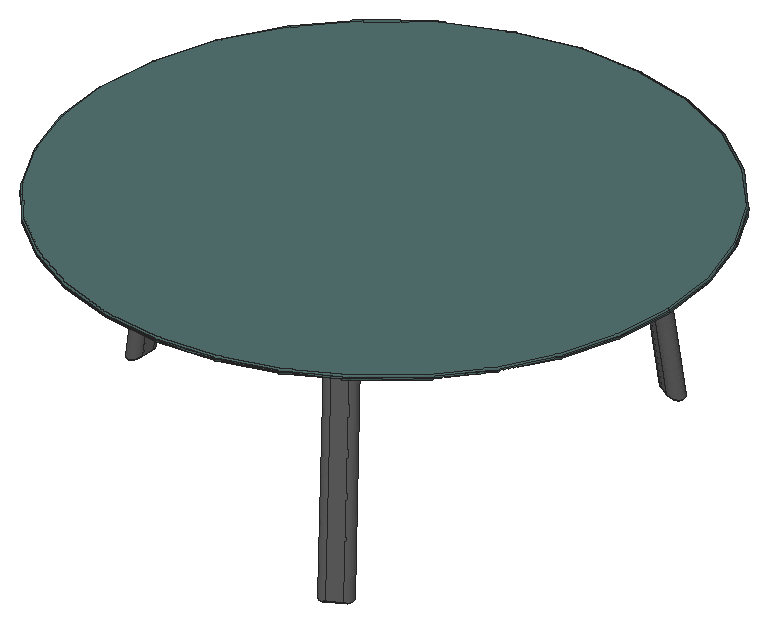
Revit family "Table-Allermuir-SUN202", category Furniture, Revit 2012
Parameters (values of type "SUN202")
  ecoScorecard_data = ""
  ecoScorecard Product Page = ""
  Width = 31 201/256"  # constant formula
  White Plastic Back Membrane = no
  URL = ""
  Table = Wood - Allermuir - Green Oak
  Subcategory = ""
  Stand = Metal - Allermuir - Flaked Satin - Black
  Stacks = no
  Specifications URL = ""
  Product Page URL = ""
  Product Line = ""
  Pricing URL = ""
  Plugin Data URL = ""
  Model = "SUN202"  # constant formula
  Manufacturer Toll Free Phone = "(888) 887 5806"  # constant formula
  Manufacturer Phone = "(419) 887 5806"  # constant formula
  Manufacturer Fax = "(419) 887 5805"  # constant formula
  Manufacturer Email = "mailto:contact@allermuir-na.com"
  Manufacturer Address = "1630 Holland Road, Maumee, Ohio 43537 "  # constant formula
  Manufacturer = "Allermuir"  # constant formula
  LEED Stats URL = ""
  Height = 12 3/8"  # constant formula
  Fabric Spec Sheets = ""
  Description = ""
  Depth = 31 125/256"  # constant formula
  Color Availability = ""
  CAD Blocks URL = ""
  Brochure URL = ""
  Base or Frame [instance] = ""
  Base Type = ""
  Assembly Code = "E2020200"
  95 CSI = "12510"  # constant formula
  04 CSI = "12 51 00"  # constant formula
Reference planes (in)
  plane 1 "Center Front/Back": y = 0
  plane 2: z = 0
  plane 3 "Center Left/Right": x = 0
  plane 4: x = 15.89333
  plane 5: x = -15.89183
  plane 6: y = 15.74414
  plane 7: y = -15.74414
  plane 8: z = 12.375
Dimensions and locks (in)
  "Width": plane 5 to plane 4
  "Depth": plane 6 to plane 7
  "Height": plane 8 to level
  equal spacing: plane 7, plane 1 "Center Front/Back", plane 6
  aligned and locked: level to plane 2
Nested families (in)
  nested 1: "SUN202" at (0, 0, 0), type "SUN202"
Definition of nested family "SUN202"
  Parameters (values of type "SUN202")
    Width = 31 201/256"
    Table = none
    Stand = Metal - Allermuir - Flaked Satin - Black
    Height = 12 3/8"
    Depth = 31 125/256"
  Reference planes (in)
    plane 1 "Center (Front/Back)": y = 0
    plane 2: z = 0
    plane 3 "Center (Left/Right)": x = 0
    plane 4: x = 15.51833
    plane 5: y = -15.99384
    plane 6: x = -15.51833
    plane 7: y = 15.99384
    plane 8: z = 12.38778
  Forms (in)
    Sweep 1, solid, material <- "Table"
      path origin (1.5, 0, 0) x (1, 0, 0) y (0, 1, 0)
        loop
          circle (-1.37188, -0.10555) r 15.75
      profile origin (0.12812, 15.64445, 0) x (0, -1, 0) y (0, 0, 1)
        loop
          arc (1.58779, 11.41239) -> (1.60261, 11.4071) -> (1.61825, 11.4053) r 0.06898
          line (1.61825, 11.4053) -> (5.65061, 11.4053) -> (5.65061, 12.38811) -> (0.10137, 12.38811)
          arc (0.10137, 12.38811) -> (0.04906, 12.36644) -> (0.02739, 12.31413) r 0.07398
          line (0.02739, 12.31413) -> (0.02739, 12.22824)
          arc (0.02739, 12.22824) -> (0.03897, 12.18774) -> (0.07019, 12.15947) r 0.07665
          line (0.07019, 12.15947) -> (1.58779, 11.41239)
    Extrusion 2, solid, material <- "Table"
      sketch origin (1.5, 0, 0) x (1, 0, 0) y (0, 1, 0)
        loop
          circle (-1.37188, -0.10555) r 10.09939
      from 11.4053 to 12.38811
  Cuts and joins
    joined: Sweep 1, Extrusion 2
  Lines and regions (in)
    symbolic lines, style "Table"
      curve 1: circle (0.125, -0.125, 0) r 15.71876 normal (0, 0, 1)
  Dimensions and locks (in)
    equal spacing: plane 6, plane 3 "Center (Left/Right)", plane 4
    equal spacing: plane 7, plane 1 "Center (Front/Back)", plane 5
    plane 7 to plane 5 = 31.98768"
    plane 6 to plane 4 = 31.03666"
    plane 8 to level = 12.38778"
    aligned and locked: level to plane 2
    aligned and locked: cut or joined group of Sweep 1, Extrusion 2 to cut or joined group of Sweep 1, Extrusion 2
    aligned and locked: Sweep 1 to Extrusion 2
  Automatic sketch dimensions
    plane 3 "Center (Left/Right)" to Sweep 1 sketch curve = 0.12812"
    plane 1 "Center (Front/Back)" to Sweep 1 sketch curve = 0.10555"
    Extrusion 2 sketch curve to Extrusion 2 sketch curve = 0"  (x2)
    plane 1 "Center (Front/Back)" to Extrusion 2 sketch curve = 0.10555"
    plane 6 to Extrusion 2 sketch curve = 5.54705"
    plane 3 "Center (Left/Right)" to Extrusion 2 sketch curve = 0.12812"
    plane 3 "Center (Left/Right)" to curve 1 = 1/8"
    plane 1 "Center (Front/Back)" to curve 1 = 1/8"
    Sweep 1 sketch curve to profile plane = 0.02739"
    Sweep 1 sketch curve to profile plane = 0.07019"
    Sweep 1 sketch curve to profile plane = 0.10137"
    Sweep 1 sketch curve to Sweep 1 sketch curve = 0.07665"
    Sweep 1 sketch curve to profile plane = 1.58779"
    Sweep 1 sketch curve to Sweep 1 sketch curve = 0.03046"
    Sweep 1 sketch curve to Sweep 1 sketch curve = 4.03235"
    level to Sweep 1 sketch curve = 11.4053"
    Sweep 1 sketch curve to Sweep 1 sketch curve = 0.00709"
    Sweep 1 sketch curve to Sweep 1 sketch curve = 0.74707"
    Sweep 1 sketch curve to Sweep 1 sketch curve = 0.08589"
    radius of Sweep 1 sketch curve = 15 3/4"
    radius of curve 1 = 15 23/32"
  Nested families (in)
    nested 1: "Leg_Sun202" at (-0.25781, -0.13281, 0), type "Leg_Sun202"
    nested 2: "Leg_Sun202" at (0.27765, 0.17851, 0) x (-0.5, -0.866, 0) z (0, 0, 1), type "Leg_Sun202"
    nested 3: "Leg_Sun202" at (0.27765, -0.44413, 0) x (-0.5, 0.866, 0) z (0, 0, 1), type "Leg_Sun202"
  Definition of nested family "Leg_Sun202"
    Parameters (values of type "Leg_Sun202")
      Leg = Metal - Allermuir - Flaked Satin - Black
    Reference planes (in)
      plane 1 "Center (Front/Back)": y = 0
      plane 2: z = 0
      plane 3 "Center (Left/Right)": x = 0
    Forms (in)
      Sweep 1, solid, material "Metal - Allermuir - Flaked Satin - Black" <- "Leg"
        path origin (4.13386, 0, 0) x (1, 0, 0) y (0, 0, 1)
          loop
            line (-3.64173, 11.40947) -> (-16.01212, 11.40947) -> (-17.61562, 0)
        profile origin (-5.69307, 0, 11.40947) x (0, 0, -1) y (0, -1, 0)
          loop
            line (0.81123, -0.38182) -> (0.81123, 0.39174)
            arc (0.81123, 0.39174) -> (0.40425, 0.79872) -> (-0.00274, 0.39174) r 0.40699
            line (-0.00274, 0.39174) -> (-0.00274, -0.38182)
            arc (-0.00274, -0.38182) -> (0.40425, -0.78881) -> (0.81123, -0.38182) r 0.40699
      Extrusion 2, void
        sketch origin (4.13386, 0, 0) x (1, 0, 0) y (0, 0, 1)
          loop
            line (-17.75444, -0.19625) -> (-16.73251, -0.19625) -> (-16.73251, 0.22545)
            arc (-16.73251, 0.22545) -> (-17.14785, 0.06609) -> (-17.5925, 0.08011) r 1.12556
            arc (-17.5925, 0.08011) -> (-17.60804, 0.09095) -> (-17.61188, 0.10951) r 0.02563
            line (-17.61188, 0.10951) -> (-17.59992, 0.17733) -> (-17.75444, 0.17733) -> (-17.75444, -0.19625)
        from -1.45492 to 1.18992
      Extrusion 3, solid, material "Metal - Allermuir - Flaked Satin - Black" <- "Leg"
        sketch origin (4.13386, 0, 0) x (1, 0, 0) y (0, 0, 1)
          loop
            arc (-17.55556, 0.02543) -> (-17.18653, 0.00778) -> (-16.83666, 0.12646) r 0.99145
            line (-16.83666, 0.12646) -> (-16.85336, 0.15881)
            arc (-16.85336, 0.15881) -> (-17.19274, 0.05944) -> (-17.5462, 0.07027) r 1.12556
            line (-17.5462, 0.07027) -> (-17.55556, 0.02543)
        from -0.86984 to 0.9441
      Extrusion 4, void
        sketch origin (4.08465, 0, 0) x (1, 0, 0) y (0, 1, 0)
          loop
            arc (-17.5462, 0.42752) -> (-17.1525, 0.74321) -> (-16.7588, 0.42752) r 0.40334
            line (-16.7588, 0.42752) -> (-16.66478, 0.42752) -> (-16.66478, 0.98123) -> (-17.69101, 0.98123) -> (-17.69101, 0.42752) -> (-17.5462, 0.42752)
        from -0.03615 to 0.24909
      Extrusion 5, void
        sketch origin (4.13386, 0, 0) x (1, 0, 0) y (0, 1, 0)
          loop
            line (-17.60157, -0.42752) -> (-17.74638, -0.42752) -> (-17.74638, -0.98123) -> (-16.72014, -0.98123) -> (-16.72014, -0.42752) -> (-16.81417, -0.42752)
            arc (-16.81417, -0.42752) -> (-17.20787, -0.74321) -> (-17.60157, -0.42752) r 0.40334
        from -0.03615 to 0.24909
    Cuts and joins
      Extrusion 2 cuts Sweep 1
      Extrusion 4, Extrusion 5 cuts Extrusion 3
    Dimensions and locks (in)
      aligned and locked: level to plane 2
